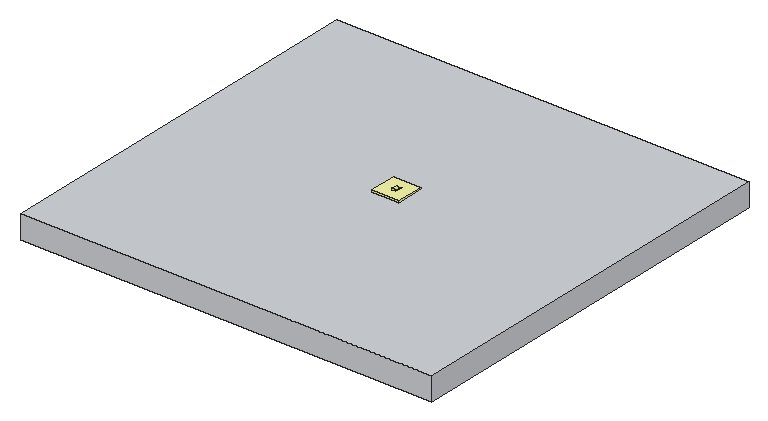
Revit family "ES_One Way Switche", category Lighting Devices, host Face, Revit 2013
Parameters (values of type "Single Pole")
  Switch Voltage = 230 V
  Load Classification = Other
  Label = ""
  Default Elevation = 1200 mm
  Assembly Code = ""
  Apparent Load = 0 VA
Reference planes
  plane 1 "Center (Front/Back)": y = 0
  plane 2: z = 0
  plane 3 "Center (Left/Right)": x = 0
  plane 4 "level above": z = 4.762
  plane 5 "level below": z = -53.975
  plane 6: x = -43
  plane 7: x = 43
  plane 8: y = 43
  plane 9: y = -43
  plane 10: y = 32
  plane 11: y = -32
  plane 12: x = -32
  plane 13: x = 32
Forms (mm)
  Extrusion 1, solid
    sketch origin (0, 0, 0) x (1, 0, 0) y (0, 1, 0)
      loop
        line (-644.525, 571.5) -> (-644.525, -666.75) -> (644.525, -666.75) -> (644.525, 571.5) -> (-644.525, 571.5)
    from 0 to -72.672
  Extrusion 2, solid, material "Face Plate"
    sketch origin (0, 0, 0) x (1, 0, 0) y (0, 1, 0)
      loop
        line (-43, 43) -> (-43, -43) -> (43, -43) -> (43, 43) -> (-43, 43)
    from 0 to 4.762
  Extrusion 3, solid
    sketch origin (0, 0, 0) x (1, 0, 0) y (0, 1, 0)
      loop
        line (-32, 32) -> (-32, -32) -> (32, -32) -> (32, 32) -> (-32, 32)
    from 0 to -53.975
  Extrusion 4, solid, material "Face Plate"
    sketch origin (0, 0, 0) x (0, 1, 0) y (0, 0, 1)
      loop
        line (11, 4.8) -> (-11, 10) -> (-11, 4.8) -> (11, 4.8)
    from -7 to 7
Lines and regions (mm)
  symbolic lines, detail levels fine
    curve 1: line (34.925, 0, 0) -> (-35.285, 0, 0)
    curve 2: line (34.925, 0, 4.762) -> (34.925, 0, 0)
    curve 3: line (-35.285, 0, 4.762) -> (34.925, 0, 4.762)
    curve 4: line (-35.285, 0, 0) -> (-35.285, 0, 4.762)
    curve 5: line (19.05, 0, -53.975) -> (-19.41, 0, -53.975)
    curve 6: line (19.05, 0, 0) -> (19.05, 0, -53.975)
    curve 7: line (-19.41, 0, -53.975) -> (-19.41, 0, 0)
Dimensions and locks
  locked: plane 4 "level above" to level at 4.763
  locked: level to plane 5 "level below" at 53.975
  plane 6 to plane 3 "Center (Left/Right)" to plane 7 = 43 mm, 43 mm
  plane 6 to plane 7 = 86 mm
  plane 1 "Center (Front/Back)" to plane 9 = 43 mm
  plane 1 "Center (Front/Back)" to plane 8 = 43 mm
  plane 12 to plane 3 "Center (Left/Right)" to plane 13 = 32 mm, 32 mm
  plane 10 to plane 1 "Center (Front/Back)" to plane 11 = 32 mm, 32 mm
  plane 12 to plane 13 = 64 mm
  plane 10 to plane 11 = 64 mm
  aligned and locked: plane 2 to Extrusion 1
  aligned and locked: level to Extrusion 1
  aligned and locked: Extrusion 2 to level
  aligned and locked: plane 4 "level above" to Extrusion 2
  aligned and locked: Extrusion 3 to level
  aligned and locked: Extrusion 3 to plane 5 "level below"
Nested families
  nested 1: "SW_1W" at (0, 0, 0), type "SW_1W"
Connectors
  electrical at (0, 0, 0)
    settings: on Extrusion 2, index 1, voltage 0 V, apparent load 0 VA, apparent load phase1 0 VA, apparent load phase2 0 VA, apparent load phase3 0 VA, power factor 1, load classification "Other", number of poles 1, system type 31, power factor state 1, is connector primary yes, connector utility no, sub classification motor no, connector description ""
Definition of nested family "SW_1W"
  Reference planes
    plane 1: y = 0
    plane 2: x = 0
  Lines and regions (mm)
    Filled region 1, type "Filled region 1"
      outline origin (0, 0, 0) x (1, 0, 0) y (0, 1, 0)
        loop
          circle (0, 0.837) r 0.85
    detail lines, style "Switch Symbols"
      curve 1: line (0, 0.837, 0) -> (3.157, 3.994, 0)
